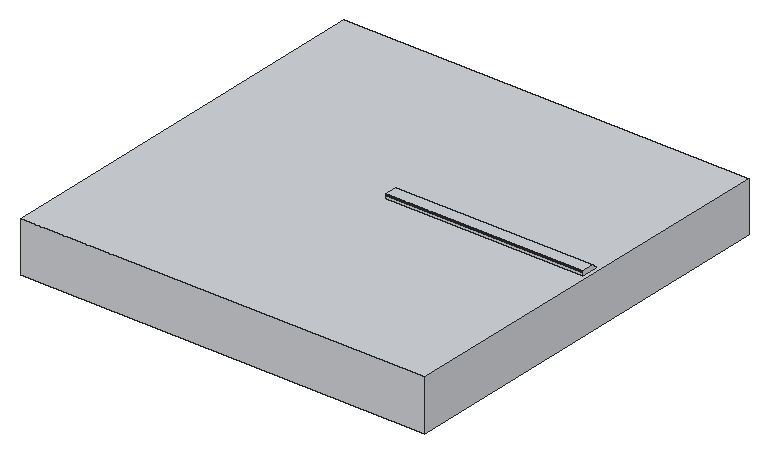
Revit family
Parameters
  Width = 0' - 8 1/8"
  WashHeight = 0' - 4"
  WashDepth = 0' - 4"
  URL = "www.coldspringgranite.com"
  TypicalJointSize = 0' - 0 1/4"
  StopDripRightVisibilityOn = and(and(DripOn), not(StopDripRightVisibilityOff))  # no
  StopDripRightVisibilityOff = and(DripStopRight = 0' 0", and(DripOn))  # yes
  StopDripLeftVisibilityOn = and(and(DripOn), not(StopDripLeftVisibilityOff))  # no
  StopDripLeftVisibilityOff = and(DripStopLeft = 0' 0", and(DripOn))  # yes
  StoneMaterial = none
  SillOverhang = 0' - 1"
  Product Name = "Sill Stone with Lugged Surface"
  Product Documentation Link = "http://www.coldspringgranite.com/BIM_Families/Family_Detail/Sill_Stone_with_Lugged_Surface/"
  PhoneNumber = "800-551-7502"
  Notes = ""
  Model = "N/A"
  Manufacturer = "Cold Spring Granite Company"
  LugHeight = 0' - 3"
  Low Emitting Material = yes
  Low Emitting Finish = yes
  Location = "17482 Granite West Road, Cold Spring, MN 56320-4578"
  Length = 3' - 11"
  LEED Credit = ""
  Keynote = "044256"
  JointRightOff = no
  JointRight = if(JointRightOff, 0' 0", TypicalJointSize / 2)  # 0' - 0 1/8"
  JointLeftOff = no
  JointLeft = if(JointLeftOff, 0' 0", TypicalJointSize / 2)  # 0' - 0 1/8"
  JointBottomOff = no
  JointBottom = if(JointBottomOff, 0' 0", TypicalJointSize)  # 0' - 0 1/4"
  Height = 0' - 10"
  DripWidth = 0' - 0 1/4"
  DripVisible = if(DripOn, 0' 0", 1' 0")  # 0' - 0"
  DripVisibilityOff = not(DripOn)  # no
  DripToEdge = 0' - 0 1/4"
  DripStopRight = 0' - 0"
  DripStopLeft = 0' - 0"
  DripOn = yes
  DripDepth = 0' - 0 1/4"
  Description = "Lug Washed Sill with Drip"
  Default Elevation = 0' - 0"
  Assembly Code = "B2010160"
Reference planes (in)
  plane 1 "Center (Front/Back)": y = 0
  plane 2: z = 0
  plane 3 "Center (Left/Right)": x = 0
  plane 4 "StoneLeft": x = 0.125
  plane 5 "StopDripLeft": x = 0.125
  plane 6 "StopDripRight": x = 46.875
  plane 7 "StoneRight": x = 46.875
  plane 8 "JointCenterRight": x = 47
  plane 9 "StoneBottom": y = 0.25
  plane 10 "WashBottom": y = 3.25
  plane 11 "WashTop": y = 7.25
  plane 12 "StoneTop": y = 10.25
  plane 13 "DripDepth": y = 0.5
  plane 14 "DripBottom": y = 0.25
  plane 15 "StoneFront": z = 1
  plane 16 "DripFront": z = 0.75
  plane 17 "DripBack": z = 0.5
  plane 18 "StoneBack": z = -7.125
  plane 19 "WashDepth": z = -3
Forms (in)
  Extrusion 1, solid
    sketch origin (0, 0, 0) x (1, 0, 0) y (0, 1, 0)
      loop
        line (-48, 48) -> (-48, -48) -> (48, -48) -> (48, 48) -> (-48, 48)
    from 0 to -12
  Extrusion 2, solid, material <- "StoneMaterial", detail levels coarse
    sketch origin (0, 0, 0) x (1, 0, 0) y (0, 1, 0)
      loop
        line (0, 10.25) -> (0, 0) -> (47, 0) -> (47, 10.25) -> (0, 10.25)
    from -7.125 to 1
  Extrusion 3, solid, material <- "StoneMaterial", detail levels medium+fine
    sketch origin (0, 0, 0) x (1, 0, 0) y (0, 1, 0)
      loop
        line (46.875, 10.25) -> (0.125, 10.25) -> (0.125, 0.25) -> (46.875, 0.25) -> (46.875, 10.25)
    from -7.125 to 1
  Extrusion 4, void, detail levels medium+fine
    sketch origin (0, 0, 0) x (1, 0, 0) y (0, 1, 0)
      loop
        line (0.125, 0.5) -> (0.125, 0.25) -> (46.875, 0.25) -> (46.875, 0.5) -> (0.125, 0.5)
    from 0.5 to 0.75
  Extrusion 5, void, detail levels medium+fine
    sketch origin (0, 0, 0) x (0, 1, 0) y (0, 0, 1)
      loop
        line (10.25, 1) -> (3.25, 1) -> (7.25, -3) -> (10.25, -3) -> (10.25, 1)
    from 0.125 to 46.875
Cuts and joins
  Extrusion 4, Extrusion 5 cuts Extrusion 3
  Extrusion 5 cuts Extrusion 2
Lines and regions (in)
  Masking region 1, detail levels coarse
    outline origin (0, 0, 1) x (0, 1, 0) y (-1, 0, 0)
      loop
        line (10.25, 0) -> (0, 0) -> (0, -47) -> (10.25, -47) -> (10.25, 0)
  Masking region 2, detail levels medium+fine
    outline origin (0, 0, 1) x (0, 1, 0) y (-1, 0, 0)
      loop
        line (10.25, -0.125) -> (0.25, -0.125) -> (0.25, -46.875) -> (10.25, -46.875) -> (10.25, -0.125)
  Masking region 3, detail levels coarse
    outline origin (0.125, 0, 0) x (0, 1, 0) y (0, 0, 1)
      loop
        line (10.25, 1) -> (0, 1) -> (0, -7.125) -> (10.25, -7.125) -> (10.25, 1)
  Masking region 4, visible <- "DripVisibilityOff", detail levels medium+fine
    outline origin (0.125, 0, 0) x (0, 1, 0) y (0, 0, 1)
      loop
        line (10.25, -3) -> (7.25, -3) -> (3.25, 1) -> (0.25, 1) -> (0.25, -7.125) -> (10.25, -7.125) -> (10.25, -3)
  Masking region 5, visible <- "StopDripLeftVisibilityOn", detail levels medium
    outline origin (0.125, 0, 0) x (0, 1, 0) y (0, 0, 1)
      loop
        line (10.25, -3) -> (7.25, -3) -> (3.25, 1) -> (0.25, 1) -> (0.25, -7.125) -> (10.25, -7.125) -> (10.25, -3)
  Masking region 6, visible <- "DripOn", detail levels fine
    outline origin (0.125, 0, 0) x (0, 1, 0) y (0, 0, 1)
      loop
        line (10.25, -3) -> (7.25, -3) -> (3.25, 1) -> (0.25, 1) -> (0.25, 0.75) -> (0.5, 0.75) -> (0.5, 0.5) -> (0.25, 0.5) -> (0.25, -7.125) -> (10.25, -7.125) -> (10.25, -3)
  Masking region 7, visible <- "StopDripLeftVisibilityOff", detail levels medium
    outline origin (0.125, 0, 0) x (0, 1, 0) y (0, 0, 1)
      loop
        line (10.25, -7.125) -> (10.25, -3) -> (7.25, -3) -> (3.25, 1) -> (0.25, 1) -> (0.25, 0.75) -> (0.5, 0.75) -> (0.5, 0.5) -> (0.25, 0.5) -> (0.25, -7.125) -> (10.25, -7.125)
  Masking region 8, visible <- "StopDripRightVisibilityOn", detail levels medium
    outline origin (46.875, 0, 0) x (0, -1, 0) y (0, 0, 1)
      loop
        line (-0.25, -7.125) -> (-0.25, 1) -> (-3.25, 1) -> (-7.25, -3) -> (-10.25, -3) -> (-10.25, -7.125) -> (-0.25, -7.125)
  Masking region 9, visible <- "StopDripRightVisibilityOff", detail levels medium
    outline origin (46.875, 0, 0) x (0, -1, 0) y (0, 0, 1)
      loop
        line (-0.25, -7.125) -> (-0.25, 0.5) -> (-0.5, 0.5) -> (-0.5, 0.75) -> (-0.25, 0.75) -> (-0.25, 1) -> (-3.25, 1) -> (-7.25, -3) -> (-10.25, -3) -> (-10.25, -7.125) -> (-0.25, -7.125)
  Masking region 10, detail levels coarse
    outline origin (0, 0.25, 0) x (-1, 0, 0) y (0, 0, 1)
      loop
        line (0, 1) -> (-47, 1) -> (-47, -7.125) -> (0, -7.125) -> (0, 1)
  Masking region 11, visible <- "DripOn", detail levels medium+fine
    outline origin (0, 0.25, 0) x (-1, 0, 0) y (0, 0, 1)
      loop
        line (-0.125, 0.75) -> (-46.875, 0.75) -> (-46.875, 0.5) -> (-0.125, 0.5) -> (-0.125, 0.75)
  Masking region 12, detail levels medium+fine
    outline origin (0, 7.25, 0) x (-1, 0, 0) y (0, 0, 1)
      loop
        line (-0.125, 1) -> (-46.875, 1) -> (-46.875, -7.125) -> (-0.125, -7.125) -> (-0.125, 1)
  symbolic lines, detail levels medium+fine
    curve 1: line (0.125, 7.25, 1) -> (46.875, 7.25, 1)
    curve 2: line (46.875, 3.25, 1) -> (0.125, 3.25, 1)
    curve 4: line (0.125, 10.25, -3) -> (46.875, 10.25, -3)
  reference lines
    curve 3: line (0, 7.25, -3) -> (0, 3.25, 1)
Dimensions and locks (in)
  "Length": plane 3 "Center (Left/Right)" to plane 8 "JointCenterRight"
  "JointLeft": plane 3 "Center (Left/Right)" to plane 4 "StoneLeft"
  "JointRight": plane 7 "StoneRight" to plane 8 "JointCenterRight"
  "DripStopRight": plane 6 "StopDripRight" to plane 7 "StoneRight"
  "DripStopLeft": plane 4 "StoneLeft" to plane 5 "StopDripLeft"
  "Height": plane 9 "StoneBottom" to plane 12 "StoneTop"
  "JointBottom": plane 9 "StoneBottom" to plane 1 "Center (Front/Back)"
  "LugHeight": plane 11 "WashTop" to plane 12 "StoneTop"
  "WashHeight": plane 11 "WashTop" to plane 10 "WashBottom"
  "DripDepth": plane 14 "DripBottom" to plane 13 "DripDepth"
  "DripVisible": plane 14 "DripBottom" to plane 9 "StoneBottom"
  "SillOverhang": plane 15 "StoneFront" to plane 2
  "WashDepth": plane 15 "StoneFront" to plane 19 "WashDepth"
  "Width": plane 15 "StoneFront" to plane 18 "StoneBack"
  "DripWidth": plane 17 "DripBack" to plane 16 "DripFront"
  "DripToEdge": plane 15 "StoneFront" to plane 16 "DripFront"
  aligned and locked: plane 2 to Extrusion 1
  aligned and locked: level to Extrusion 1
  aligned and locked: plane 1 "Center (Front/Back)" to Masking region 1
  aligned and locked: Masking region 1 to plane 3 "Center (Left/Right)"
  aligned and locked: Masking region 1 to plane 12 "StoneTop"
  aligned and locked: plane 8 "JointCenterRight" to Masking region 1
  aligned and locked: Masking region 2 to plane 4 "StoneLeft"
  aligned and locked: Masking region 2 to plane 12 "StoneTop"
  aligned and locked: Masking region 2 to plane 9 "StoneBottom"
  aligned and locked: Masking region 2 to plane 7 "StoneRight"
  aligned and locked: plane 4 "StoneLeft" to curve 1
  aligned and locked: plane 7 "StoneRight" to curve 1
  aligned and locked: plane 4 "StoneLeft" to curve 2
  aligned and locked: plane 7 "StoneRight" to curve 2
  aligned and locked: curve 1 to plane 11 "WashTop"
  aligned and locked: curve 2 to plane 10 "WashBottom"
  aligned and locked: plane 10 "WashBottom" to curve 3
  aligned and locked: plane 15 "StoneFront" to curve 3
  aligned and locked: plane 11 "WashTop" to curve 3
  aligned and locked: plane 19 "WashDepth" to curve 3
  aligned and locked: Masking region 3 to plane 1 "Center (Front/Back)"
  aligned and locked: plane 18 "StoneBack" to Masking region 3
  aligned and locked: plane 12 "StoneTop" to Masking region 3
  aligned and locked: Masking region 3 to plane 15 "StoneFront"
  aligned and locked: plane 12 "StoneTop" to Masking region 4 sketch curve
  aligned and locked: plane 18 "StoneBack" to Masking region 4 sketch curve
  aligned and locked: plane 19 "WashDepth" to Masking region 4 sketch curve
  aligned and locked: Masking region 4 sketch curve to curve 3
  aligned and locked: plane 15 "StoneFront" to Masking region 4 sketch curve
  aligned and locked: plane 9 "StoneBottom" to Masking region 4 sketch curve
  aligned and locked: plane 12 "StoneTop" to Masking region 5 sketch curve
  aligned and locked: plane 18 "StoneBack" to Masking region 5 sketch curve
  aligned and locked: plane 19 "WashDepth" to Masking region 5 sketch curve
  aligned and locked: Masking region 5 sketch curve to curve 3
  aligned and locked: plane 15 "StoneFront" to Masking region 5 sketch curve
  aligned and locked: plane 9 "StoneBottom" to Masking region 5 sketch curve
  aligned and locked: plane 12 "StoneTop" to Masking region 6 sketch curve
  aligned and locked: plane 18 "StoneBack" to Masking region 6 sketch curve
  aligned and locked: plane 19 "WashDepth" to Masking region 6 sketch curve
  aligned and locked: Masking region 6 sketch curve to curve 3
  aligned and locked: plane 15 "StoneFront" to Masking region 6 sketch curve
  aligned and locked: plane 14 "DripBottom" to Masking region 6 sketch curve
  aligned and locked: plane 13 "DripDepth" to Masking region 6 sketch curve
  aligned and locked: plane 17 "DripBack" to Masking region 6 sketch curve
  aligned and locked: plane 16 "DripFront" to Masking region 6 sketch curve
  aligned and locked: Masking region 6 sketch curve to plane 14 "DripBottom"
  aligned and locked: plane 18 "StoneBack" to Masking region 7 sketch curve
  aligned and locked: plane 19 "WashDepth" to Masking region 7 sketch curve
  aligned and locked: plane 12 "StoneTop" to Masking region 7 sketch curve
  aligned and locked: Masking region 7 sketch curve to curve 3
  aligned and locked: plane 15 "StoneFront" to Masking region 7 sketch curve
  aligned and locked: plane 16 "DripFront" to Masking region 7 sketch curve
  aligned and locked: plane 17 "DripBack" to Masking region 7 sketch curve
  aligned and locked: plane 13 "DripDepth" to Masking region 7 sketch curve
  aligned and locked: plane 14 "DripBottom" to Masking region 7 sketch curve
  aligned and locked: Masking region 7 sketch curve to plane 14 "DripBottom"
  aligned and locked: Masking region 8 sketch curve to plane 18 "StoneBack"
  aligned and locked: Masking region 8 sketch curve to plane 19 "WashDepth"
  aligned and locked: Masking region 8 sketch curve to plane 12 "StoneTop"
  aligned and locked: Masking region 8 sketch curve to curve 3
  aligned and locked: Masking region 8 sketch curve to plane 15 "StoneFront"
  aligned and locked: Masking region 8 sketch curve to plane 9 "StoneBottom"
  aligned and locked: Masking region 9 sketch curve to plane 18 "StoneBack"
  aligned and locked: Masking region 9 sketch curve to plane 12 "StoneTop"
  aligned and locked: Masking region 9 sketch curve to plane 19 "WashDepth"
  aligned and locked: Masking region 9 sketch curve to curve 3
  aligned and locked: Masking region 9 sketch curve to plane 15 "StoneFront"
  aligned and locked: Masking region 9 sketch curve to plane 16 "DripFront"
  aligned and locked: Masking region 9 sketch curve to plane 17 "DripBack"
  aligned and locked: Masking region 9 sketch curve to plane 14 "DripBottom"  (x2)
  aligned and locked: Masking region 9 sketch curve to plane 13 "DripDepth"
  aligned and locked: Masking region 10 to plane 15 "StoneFront"
  aligned and locked: plane 3 "Center (Left/Right)" to Masking region 10
  aligned and locked: plane 18 "StoneBack" to Masking region 10
  aligned and locked: Masking region 10 to plane 8 "JointCenterRight"
  aligned and locked: Masking region 11 to plane 17 "DripBack"
  aligned and locked: Masking region 11 to plane 5 "StopDripLeft"
  aligned and locked: Masking region 11 to plane 6 "StopDripRight"
  aligned and locked: Masking region 11 to plane 16 "DripFront"
  aligned and locked: plane 4 "StoneLeft" to curve 4
  aligned and locked: plane 7 "StoneRight" to curve 4
  aligned and locked: plane 19 "WashDepth" to curve 4
  aligned and locked: plane 18 "StoneBack" to Masking region 12
  aligned and locked: Masking region 12 to plane 15 "StoneFront"
  aligned and locked: plane 4 "StoneLeft" to Masking region 12
  aligned and locked: plane 7 "StoneRight" to Masking region 12
  aligned and locked: Extrusion 2 to plane 3 "Center (Left/Right)"
  aligned and locked: plane 1 "Center (Front/Back)" to Extrusion 2
  aligned and locked: Extrusion 2 to plane 12 "StoneTop"
  aligned and locked: plane 8 "JointCenterRight" to Extrusion 2
  aligned and locked: Extrusion 2 to plane 18 "StoneBack"
  aligned and locked: plane 15 "StoneFront" to Extrusion 2
  aligned and locked: Extrusion 3 to plane 4 "StoneLeft"
  aligned and locked: Extrusion 3 to plane 7 "StoneRight"
  aligned and locked: Extrusion 3 to plane 9 "StoneBottom"
  aligned and locked: Extrusion 3 to plane 12 "StoneTop"
  aligned and locked: Extrusion 3 to plane 18 "StoneBack"
  aligned and locked: plane 15 "StoneFront" to Extrusion 3
  aligned and locked: plane 5 "StopDripLeft" to Extrusion 4
  aligned and locked: plane 6 "StopDripRight" to Extrusion 4
  aligned and locked: plane 14 "DripBottom" to Extrusion 4
  aligned and locked: plane 13 "DripDepth" to Extrusion 4
  aligned and locked: plane 17 "DripBack" to Extrusion 4
  aligned and locked: plane 16 "DripFront" to Extrusion 4
  aligned and locked: plane 12 "StoneTop" to Extrusion 5 sketch curve
  aligned and locked: plane 15 "StoneFront" to Extrusion 5 sketch curve
  aligned and locked: plane 19 "WashDepth" to Extrusion 5 sketch curve
  aligned and locked: Extrusion 5 sketch curve to curve 3
  aligned and locked: Extrusion 5 to plane 4 "StoneLeft"
  aligned and locked: cut or joined group of Extrusion 2, Extrusion 5 to plane 7 "StoneRight"
Automatic sketch dimensions
  Extrusion 1 sketch curve to Extrusion 1 sketch curve = 8' - 0"  (x2)
  Masking region 1 sketch curve to plane 11 "WashTop" = 0' - 7 1/4"
  Masking region 1 sketch curve to plane 12 "StoneTop" = 0' - 0"
  plane 8 "JointCenterRight" to Masking region 1 sketch curve = 0' - 0"
  plane 5 "StopDripLeft" to Masking region 1 sketch curve = 0' - 0 1/8"
  Masking region 2 sketch curve to plane 13 "DripDepth" = 0' - 0 1/4"
  Masking region 2 sketch curve to plane 1 "Center (Front/Back)" = 0' - 10 1/4"
  Masking region 2 sketch curve to plane 8 "JointCenterRight" = 0' - 0 1/8"
  plane 5 "StopDripLeft" to Masking region 2 sketch curve = 0' - 0"
  plane 1 "Center (Front/Back)" to Masking region 3 sketch curve = 0' - 0"
  Masking region 3 sketch curve to plane 12 "StoneTop" = 0' - 0"
  Masking region 3 sketch curve to plane 18 "StoneBack" = 0' - 0"
  plane 15 "StoneFront" to Masking region 3 sketch curve = 0' - 0"
  plane 8 "JointCenterRight" to Masking region 10 sketch curve = 0' - 0"
  Masking region 10 sketch curve to plane 18 "StoneBack" = 0' - 0"
  Masking region 10 sketch curve to plane 3 "Center (Left/Right)" = 0' - 0"
  plane 15 "StoneFront" to Masking region 10 sketch curve = 0' - 0"
  Masking region 11 sketch curve to plane 6 "StopDripRight" = 0' - 0"
  plane 5 "StopDripLeft" to Masking region 11 sketch curve = 0' - 0"
  Masking region 11 sketch curve to plane 17 "DripBack" = 0' - 0"
  Masking region 11 sketch curve to plane 16 "DripFront" = 0' - 0"
  plane 12 "StoneTop" to Extrusion 2 sketch curve = 0' - 10 1/4"
  plane 5 "StopDripLeft" to Extrusion 2 sketch curve = 0' - 0 1/8"
  plane 8 "JointCenterRight" to Extrusion 2 sketch curve = 0' - 0"
  Extrusion 2 sketch curve to Extrusion 2 sketch curve = 0' - 10 1/4"
  plane 5 "StopDripLeft" to Extrusion 3 sketch curve = 0' - 0"
  plane 12 "StoneTop" to Extrusion 3 sketch curve = 0' - 10"
  Extrusion 3 sketch curve to Extrusion 3 sketch curve = 3' - 10 3/4"
  Extrusion 3 sketch curve to Extrusion 3 sketch curve = 0' - 10"
  plane 5 "StopDripLeft" to Extrusion 4 sketch curve = 0' - 0"
  plane 6 "StopDripRight" to Extrusion 4 sketch curve = 0' - 0"
  Extrusion 4 sketch curve to plane 13 "DripDepth" = 0' - 0 1/4"
  Extrusion 4 sketch curve to Extrusion 4 sketch curve = 0' - 0 1/4"
  Masking region 12 sketch curve to plane 6 "StopDripRight" = 0' - 0"
  Masking region 12 sketch curve to plane 4 "StoneLeft" = 0' - 0"
  Masking region 12 sketch curve to plane 18 "StoneBack" = 0' - 0"
  Masking region 12 sketch curve to plane 15 "StoneFront" = 0' - 0"
Nested families (in)
  nested 1: "CopyRight" at (0, 0, 0), type "CopyRight"
Definition of nested family "CopyRight"
  Parameters (values of type "CopyRight")
    CopyRight = "Cold Spring Granite Company"
  Reference planes (in)
    plane 1: z = 0
